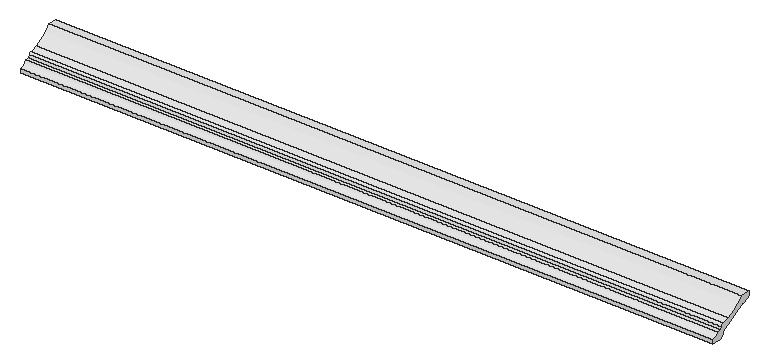
Revit family "13-MOULDING-CADS-137-PCB4CROWN-4-REVIT_Versatex-Generic-Model-4in-CROWN-MOULDING", category Generic Models, host Face, Revit 2026
Family settings
  Host = Face
  Can host rebar = No
  Round Connector Dimension = Use Diameter
  Part Type = Normal
  Cut with Voids When Loaded = No
  Maintain Annotation Orientation = No
  Shared = No
  Room Calculation Point = No
Parameters
  Model = "PCB4\"CROWN"
  Length = 4' - 0"
  Warranty = "https://versatex.com/warranty/"
  URL = "https://versatex.com/"
  Specification = "https://www.arcat.com/company/versatex-45716/spec?coid=45716"
  Sales Information = "https://versatex.com/dealer-locator/"
  Message Manufacturer = "https://versatex.com/contact/"
  Material = Versatex PVC - Smooth
  Manufacturer Website = "https://versatex.com/"
  Manufacturer Phone = "724-857-1111"
  Manufacturer Fax = "724-857-1171"
  Manufacturer Address = "400 Steel Street, Aliquippa, PA 15001"
  Manufacturer = "Versatex"
  Literature = "https://versatex.com/literature/?_sft_literature_category=cads"
  Description = "4\" CROWN MOULDING"
  Default Elevation = 4' - 0"
  Copyright = "© 2024 VERSATEX Building Products, LLC"
Reference planes (in)
  plane 1 "Center (Front/Back)": y = 0
  plane 2: z = 0
  plane 3 "Center (Left/Right)": x = 0
  plane 4: x = 24
  plane 5: x = -24
Forms (in)
  Sweep 1, solid, material "Versatex PVC - Smooth" <- "Material"
    path origin (0, 0, 0) x (1, 0, 0) y (0, 1, 0)
      loop
        line (-24, 0) -> (24, 0)
    profile "Versatex_Profile_4” CROWN MOULDING : Versatex_Profile_4” CROWN MOULDING" origin (0, 0, 0) x (0, 1, 0) y (0, 0, 1)
      loop
        arc (2.49759, 1.90178) -> (2.00683, 1.38547) -> (1.40079, 1.01112) r 2.7746
        line (1.40079, 1.01112) -> (0.96234, 0.88411)
        arc (0.96234, 0.88411) -> (0.8522, 0.82953) -> (0.78902, 0.72407) r 0.21826
        line (0.78902, 0.72407) -> (0.73959, 0.56005) -> (0.47742, 0.56005)
        arc (0.47742, 0.56005) -> (0.2886, 0.32736) -> (0, 0.24671) r 0.49377
        line (0, 0.24671) -> (0, 0) -> (0.60192, 0) -> (0.8669, 0.17259) -> (0.92706, 0.31038) -> (2.59238, 1.38316) -> (2.72555, 1.36241) -> (3.0963, 1.60195) -> (3.0963, 1.90178) -> (2.49759, 1.90178)
Dimensions and locks (in)
  "Length": plane 5 to plane 4
  equal spacing: plane 5, plane 3 "Center (Left/Right)", plane 4, locked at 24 each
  aligned and locked: plane 2 to host face
  aligned and locked: level to host face
Automatic sketch dimensions
  host sketch curve to host sketch curve = 8' - 0"  (x2)
  plane 1 "Center (Front/Back)" to Sweep 1 sketch curve = 0' - 0"
  Sweep 1 sketch curve to plane 5 = 0' - 0"
  Sweep 1 sketch curve to plane 4 = 0' - 0"
